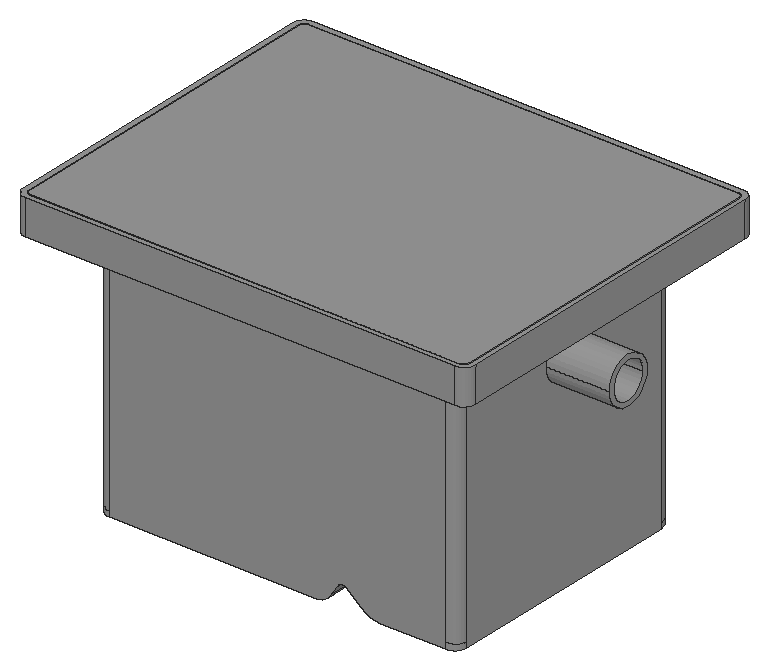
Revit family "Lil_L", category Plumbing Fixtures, Revit 2019
Family settings
  Round Connector Dimension = Use Diameter
  Part Type = Normal
  Work Plane-Based = No
  Always vertical = Yes
  Cut with Voids When Loaded = No
  Shared = No
  Room Calculation Point = No
Parameters (values of type "Lil-7-L")
  top 2 = 2"
  URL = "www.mifab.com"
  TOP1 = 1 1/2"
  TOP THK = 1 1/2"
  Pressure Drop = 0.00 psi
  Model = "MI-G-1-PL-PSB-FSCR"
  Mechanical Flow = 7 GPM
  Material = Polyethylene, High Density
  Manufacturer = "MIFAB"
  FULL DIM = 6"
  F2 = F / 2 - 51/256"  # 205/256"
  F/2 = F / 2  # 1"
  F = 2"
  E = 12 1/2"
  Description = "7GPM Lil Max HDPE Plaster Interceptor"
  D = 9"
  C = 3 1/2"
  BOTTOM 1 = 9"
  B = 15 1/2"
  A+1 = (A + 1") / 1.95  # 10.51282"
  A = 19 1/2"
Types (3): name | top 2 | Model | Mechanical Flow | E | Description | D | B | A+1 | A
  (no name) | 2" | "MI-G-1-PL-PSB-FSCR" | 7 GPM | 12 1/2" | "7GPM Lil Max HDPE Plaster Interceptor" | 9" | 15 1/2" | 10.51282" | 19 1/2"
  Lil-7-L | 2" | "MI-G-1-PL-PSB-FSCR" | 7 GPM | 12 1/2" | "7GPM Lil Max HDPE Plaster Interceptor" | 9" | 15 1/2" | 10.51282" | 19 1/2"
  Lil-15-L | 3.09455" | "MI-G-3-PL-PSB-FSCR" | 15 GPM | 16 3/4" | "15GPM Lil Max HDPE Plaster Interceptor" | 13 1/4" | 17 1/2" | 12.30769" | 23"
Reference planes (in)
  plane 1 "Center (Front/Back)": y = 0
  plane 2: z = 0
  plane 3 "Center (Left/Right)": x = 0
  plane 4: z = -3.5
  plane 5: z = -12.5
Forms (in)
  Extrusion 1, solid, material "Polyethylene, High Density" <- "Material"
    sketch origin (-0.57139, 0, 0) x (1, 0, 0) y (0, 1, 0)
      loop
        arc (-8.67861, 7.75) -> (-9.03216, 7.60355) -> (-9.17861, 7.25) r 0.5
        line (-9.17861, 7.25) -> (-9.17861, -7.25)
        arc (-9.17861, -7.25) -> (-9.03216, -7.60355) -> (-8.67861, -7.75) r 0.5
        line (-8.67861, -7.75) -> (9.82139, -7.75)
        arc (9.82139, -7.75) -> (10.17494, -7.60355) -> (10.32139, -7.25) r 0.5
        line (10.32139, -7.25) -> (10.32139, 7.25)
        arc (10.32139, 7.25) -> (10.17494, 7.60355) -> (9.82139, 7.75) r 0.5
        line (9.82139, 7.75) -> (-8.67861, 7.75)
      loop
        arc (-8.92861, -7.25) -> (-8.85539, -7.42678) -> (-8.67861, -7.5) r 0.25
        line (-8.67861, -7.5) -> (9.82139, -7.5)
        arc (9.82139, -7.5) -> (9.99817, -7.42678) -> (10.07139, -7.25) r 0.25
        line (10.07139, -7.25) -> (10.07139, 7.25)
        arc (10.07139, 7.25) -> (9.99817, 7.42678) -> (9.82139, 7.5) r 0.25
        line (9.82139, 7.5) -> (-8.67861, 7.5)
        arc (-8.67861, 7.5) -> (-8.85539, 7.42678) -> (-8.92861, 7.25) r 0.25
        line (-8.92861, 7.25) -> (-8.92861, -7.25)
    from -1.5 to 0
  Extrusion 2, solid, material "Polyethylene, High Density" <- "Material"
    sketch origin (0, 0, 0) x (1, 0, 0) y (0, 1, 0)
      loop
        arc (-7.25, 5.75) -> (-7.60355, 5.60355) -> (-7.75, 5.25) r 0.5
        line (-7.75, 5.25) -> (-7.75, -5.25)
        arc (-7.75, -5.25) -> (-7.60355, -5.60355) -> (-7.25, -5.75) r 0.5
        line (-7.25, -5.75) -> (7.25, -5.75)
        arc (7.25, -5.75) -> (7.60355, -5.60355) -> (7.75, -5.25) r 0.5
        line (7.75, -5.25) -> (7.75, 5.25)
        arc (7.75, 5.25) -> (7.60355, 5.60355) -> (7.25, 5.75) r 0.5
        line (7.25, 5.75) -> (-7.25, 5.75)
      loop
        arc (-7.5, -5.25) -> (-7.42678, -5.42678) -> (-7.25, -5.5) r 0.25
        line (-7.25, -5.5) -> (7.25, -5.5)
        arc (7.25, -5.5) -> (7.42678, -5.42678) -> (7.5, -5.25) r 0.25
        line (7.5, -5.25) -> (7.5, 5.25)
        arc (7.5, 5.25) -> (7.42678, 5.42678) -> (7.25, 5.5) r 0.25
        line (7.25, 5.5) -> (-7.25, 5.5)
        arc (-7.25, 5.5) -> (-7.42678, 5.42678) -> (-7.5, 5.25) r 0.25
        line (-7.5, 5.25) -> (-7.5, -5.25)
    from -12.5 to -1.5
  Extrusion 3, solid, material "Polyethylene, High Density" <- "Material"
    sketch origin (0, 0, 0) x (0, 1, 0) y (0, 0, 1)
      loop
        circle (0, -3.5) r 1
    from 7.5 to 10.51282
  Extrusion 4, void
    sketch origin (0, 0, 0) x (0, 1, 0) y (0, 0, 1)
      loop
        circle (0, -3.5) r 0.80078
    from -10.51282 to 10.51282
  Extrusion 5, solid, material "Polyethylene, High Density" <- "Material"
    sketch origin (0, 0, 0) x (0, 1, 0) y (0, 0, -1)
      loop
        circle (0, 3.5) r 1
    from 7.5 to 10.51282
  Extrusion 6, solid, material "Polyethylene, High Density" <- "Material"
    sketch origin (0, 0, 0) x (1, 0, 0) y (0, 1, 0)
      loop
        line (-9.5, 7.25) -> (-9.5, -7.25)
        arc (-9.5, -7.25) -> (-9.42678, -7.42678) -> (-9.25, -7.5) r 0.25
        line (-9.25, -7.5) -> (9.25, -7.5)
        arc (9.25, -7.5) -> (9.42678, -7.42678) -> (9.5, -7.25) r 0.25
        line (9.5, -7.25) -> (9.5, 7.25)
        arc (9.5, 7.25) -> (9.42678, 7.42678) -> (9.25, 7.5) r 0.25
        line (9.25, 7.5) -> (-9.25, 7.5)
        arc (-9.25, 7.5) -> (-9.42678, 7.42678) -> (-9.5, 7.25) r 0.25
      loop
        line (-7.5, 5.25) -> (-7.5, -5.25)
        arc (-7.5, -5.25) -> (-7.42678, -5.42678) -> (-7.25, -5.5) r 0.25
        line (-7.25, -5.5) -> (7.25, -5.5)
        arc (7.25, -5.5) -> (7.42678, -5.42678) -> (7.5, -5.25) r 0.25
        line (7.5, -5.25) -> (7.5, 5.25)
        arc (7.5, 5.25) -> (7.42678, 5.42678) -> (7.25, 5.5) r 0.25
        line (7.25, 5.5) -> (-7.25, 5.5)
        arc (-7.25, 5.5) -> (-7.42678, 5.42678) -> (-7.5, 5.25) r 0.25
    from -1.5 to -1.27407
  Extrusion 7, solid, material "Polyethylene, High Density" <- "Material"
    sketch origin (0, 0, 0) x (1, 0, 0) y (0, 0, 1)
      loop
        line (-7.75, -12.5) -> (1.68146, -12.5)
        arc (1.68146, -12.5) -> (2.08444, -12.38254) -> (2.3612, -12.06696) r 0.75
        line (2.3612, -12.06696) -> (2.63018, -11.66446)
        arc (2.63018, -11.66446) -> (2.78411, -11.56852) -> (2.95785, -11.6206) r 0.22028
        line (2.95785, -11.6206) -> (3.61676, -12.19339)
        arc (3.61676, -12.19339) -> (3.99907, -12.42084) -> (4.43683, -12.5) r 1.25
        line (4.43683, -12.5) -> (7.75, -12.5) -> (7.75, -12.25) -> (4.43683, -12.25)
        arc (4.43683, -12.25) -> (4.08662, -12.18667) -> (3.78077, -12.00471) r 1
        line (3.78077, -12.00471) -> (3.10631, -11.41841)
        arc (3.10631, -11.41841) -> (2.74971, -11.3115) -> (2.43377, -11.50842) r 0.45213
        line (2.43377, -11.50842) -> (2.14162, -11.94558)
        arc (2.14162, -11.94558) -> (1.95733, -12.16701) -> (1.68146, -12.25) r 0.5
        line (1.68146, -12.25) -> (-7.75, -12.25) -> (-7.75, -12.5)
    from -5.75 to 5.75
  Extrusion 8, void
    sketch origin (0, 0, 0) x (1, 0, 0) y (0, 0, 1)
      loop
        line (1.68146, -12.5) -> (4.43683, -12.5)
        arc (4.43683, -12.5) -> (3.99907, -12.42084) -> (3.61676, -12.19339) r 1.25
        line (3.61676, -12.19339) -> (2.95785, -11.6206)
        arc (2.95785, -11.6206) -> (2.78411, -11.56852) -> (2.63018, -11.66446) r 0.22028
        line (2.63018, -11.66446) -> (2.3612, -12.06696)
        arc (2.3612, -12.06696) -> (2.08444, -12.38254) -> (1.68146, -12.5) r 0.75
    from -13.05949 to 13.44892
  Extrusion 9, void
    sketch origin (0, 0, 0) x (1, 0, 0) y (0, 1, 0)
      loop
        arc (-7.25, 5.75) -> (-7.60355, 5.60355) -> (-7.75, 5.25) r 0.5
        line (-7.75, 5.25) -> (-7.75, -5.25)
        arc (-7.75, -5.25) -> (-7.60355, -5.60355) -> (-7.25, -5.75) r 0.5
        line (-7.25, -5.75) -> (7.25, -5.75)
        arc (7.25, -5.75) -> (7.60355, -5.60355) -> (7.75, -5.25) r 0.5
        line (7.75, -5.25) -> (7.75, 5.25)
        arc (7.75, 5.25) -> (7.60355, 5.60355) -> (7.25, 5.75) r 0.5
        line (7.25, 5.75) -> (-7.25, 5.75)
      loop
        arc (-7.25, 6) -> (-7.78033, 5.78033) -> (-8, 5.25) r 0.75
        line (-8, 5.25) -> (-8, -5.25)
        arc (-8, -5.25) -> (-7.78033, -5.78033) -> (-7.25, -6) r 0.75
        line (-7.25, -6) -> (7.25, -6)
        arc (7.25, -6) -> (7.78033, -5.78033) -> (8, -5.25) r 0.75
        line (8, -5.25) -> (8, 5.25)
        arc (8, 5.25) -> (7.78033, 5.78033) -> (7.25, 6) r 0.75
        line (7.25, 6) -> (-7.25, 6)
    from -12.5 to -8.24153
  Extrusion 10, solid, material "Polytetrafluoroethylene"
    sketch origin (0, 0, 0) x (1, 0, 0) y (0, 1, 0)
      loop
        arc (-9.5, -7.25) -> (-9.42678, -7.42678) -> (-9.25, -7.5) r 0.25
        line (-9.25, -7.5) -> (9.25, -7.5)
        arc (9.25, -7.5) -> (9.42678, -7.42678) -> (9.5, -7.25) r 0.25
        line (9.5, -7.25) -> (9.5, 7.25)
        arc (9.5, 7.25) -> (9.42678, 7.42678) -> (9.25, 7.5) r 0.25
        line (9.25, 7.5) -> (-9.25, 7.5)
        arc (-9.25, 7.5) -> (-9.42678, 7.42678) -> (-9.5, 7.25) r 0.25
        line (-9.5, 7.25) -> (-9.5, -7.25)
    from -1.27407 to 0
Cuts and joins
  Extrusion 4 cuts Extrusion 1
  Extrusion 4, Extrusion 8 cuts Extrusion 2
  Extrusion 4 cuts Extrusion 3
  Extrusion 4 cuts Extrusion 5
  Extrusion 4 cuts Extrusion 6
  Extrusion 4, Extrusion 8, Extrusion 9 cuts Extrusion 7
  joined: Extrusion 1, Extrusion 2, Extrusion 3, Extrusion 5, Extrusion 6, Extrusion 7
Dimensions and locks (in)
  "D": plane 5 to plane 4
  "C": level to plane 4
  equal spacing: Extrusion 1 sketch curve, plane 1 "Center (Front/Back)", Extrusion 1 sketch curve
  plane 1 "Center (Front/Back)" to Extrusion 1 sketch curve = 7 3/4"
  equal spacing: Extrusion 1, plane 3 "Center (Left/Right)", Extrusion 1
  "A+1": Extrusion 3 to plane 3 "Center (Left/Right)"
  "A": Extrusion 1 sketch curve to Extrusion 1 sketch curve
  equal spacing: Extrusion 1 sketch curve, plane 3 "Center (Left/Right)", Extrusion 1 sketch curve
  "A+1": cut or joined group 1 (Extrusion 1, Extrusion 2, Extrusion 3, Extrusion 4, Extrusion 5, Extrusion 6, Extrusion 7, Extrusion 8, Extrusion 9) to plane 3 "Center (Left/Right)"
  locked: Extrusion 6 to Extrusion 1 at 0.22593
  equal spacing: Extrusion 2 sketch curve, plane 3 "Center (Left/Right)", Extrusion 2 sketch curve
  equal spacing: Extrusion 2 sketch curve, plane 1 "Center (Front/Back)", Extrusion 2 sketch curve
  cut or joined group 1 to cut or joined group 1 = 1/4"
  locked: cut or joined group 1 to cut or joined group 1 at 0.25  (x3)
  cut or joined group 1 to cut or joined group 1 = 2"
  locked: cut or joined group 1 to cut or joined group 1 at 2
  locked: Extrusion 6 sketch curve to cut or joined group 1 at 2  (x2)
  "B": cut or joined group 1 to cut or joined group 1
  locked: cut or joined group 1 to cut or joined group 1 at 2.25  (x2)
  "F/2": radius of Extrusion 3 sketch curve
  "F2": radius of Extrusion 4 sketch curve
  "F/2": radius of Extrusion 5 sketch curve
  aligned and locked: plane 2 to level
  aligned and locked: level to Extrusion 1
  aligned and locked: Extrusion 2 to plane 5
  aligned and locked: Extrusion 2 to Extrusion 1
  aligned and locked: plane 1 "Center (Front/Back)" to Extrusion 3 sketch curve
  aligned and locked: plane 4 to Extrusion 3 sketch curve
  aligned and locked: plane 1 "Center (Front/Back)" to Extrusion 4 sketch curve
  aligned and locked: plane 4 to Extrusion 4 sketch curve
  aligned and locked: Extrusion 6 sketch curve to Extrusion 1  (x4)
  aligned and locked: Extrusion 1 to Extrusion 6
  aligned and locked: Extrusion 7 sketch curve to cut or joined group 1
  aligned and locked: Extrusion 8 sketch curve to cut or joined group 1  (x3)
  aligned and locked: cut or joined group 1 to Extrusion 8 sketch curve
  aligned and locked: cut or joined group 1 to Extrusion 6 sketch curve  (x2)
  aligned and locked: Extrusion 7 to Extrusion 2  (x2)
  aligned and locked: Extrusion 2 to Extrusion 7
  aligned and locked: Extrusion 2 to Extrusion 3
  aligned and locked: Extrusion 2 to Extrusion 5
  aligned and locked: Extrusion 9 sketch curve to cut or joined group 1  (x4)
  aligned and locked: Extrusion 9 to plane 5
  aligned and locked: Extrusion 10 sketch curve to cut or joined group 1  (x4)
  aligned and locked: Extrusion 10 to cut or joined group 1
  aligned and locked: level to Extrusion 10
  aligned and locked: Extrusion 3 to Extrusion 4
  aligned and locked: Extrusion 5 to Extrusion 4
  aligned and locked: plane 4 to Extrusion 5 sketch curve
  aligned and locked: plane 1 "Center (Front/Back)" to Extrusion 5 sketch curve
Automatic sketch dimensions
  Extrusion 6 sketch curve to Extrusion 6 sketch curve = 1/4"  (x6)
  Extrusion 8 sketch curve to Extrusion 8 sketch curve = 0.67973"
  plane 5 to Extrusion 8 sketch curve = 0.30661"
  Extrusion 8 sketch curve to Extrusion 8 sketch curve = 0.26899"
  Extrusion 8 sketch curve to Extrusion 8 sketch curve = 0.12239"
  Extrusion 8 sketch curve to Extrusion 8 sketch curve = 37/256"
  Extrusion 2 sketch curve to plane 3 "Center (Left/Right)" = 7 3/4"
  Extrusion 2 sketch curve to Extrusion 2 sketch curve = 1/2"  (x4)
  Extrusion 2 sketch curve to Extrusion 2 sketch curve = 0"  (x11)
  Extrusion 2 sketch curve to Extrusion 2 sketch curve = 1/4"
  plane 1 "Center (Front/Back)" to Extrusion 2 sketch curve = 5 3/4"
  Extrusion 6 sketch curve to Extrusion 6 sketch curve = 2"
  Extrusion 7 sketch curve to Extrusion 7 sketch curve = 0"  (x4)
  Extrusion 7 sketch curve to plane 5 = 0"
  Extrusion 7 sketch curve to plane 3 "Center (Left/Right)" = 7 3/4"
  plane 5 to Extrusion 7 sketch curve = 1/4"
  plane 3 "Center (Left/Right)" to Extrusion 7 sketch curve = 1.68146"
  plane 5 to Extrusion 7 sketch curve = 0.55442"
  Extrusion 7 sketch curve to Extrusion 7 sketch curve = 0.46016"
  plane 5 to Extrusion 7 sketch curve = 0.43304"
  Extrusion 7 sketch curve to Extrusion 7 sketch curve = 0.29215"
  plane 5 to Extrusion 7 sketch curve = 0.83554"
  Extrusion 7 sketch curve to Extrusion 7 sketch curve = 0.19641"
  Extrusion 7 sketch curve to Extrusion 7 sketch curve = 0.1795"
  Extrusion 7 sketch curve to Extrusion 7 sketch curve = 0.00364"
  plane 5 to Extrusion 7 sketch curve = 0.8794"
  Extrusion 7 sketch curve to Extrusion 7 sketch curve = 0.14816"
  plane 5 to Extrusion 7 sketch curve = 1.08159"
  Extrusion 7 sketch curve to Extrusion 7 sketch curve = 0.14846"
  plane 5 to Extrusion 7 sketch curve = 0.30661"
  Extrusion 7 sketch curve to Extrusion 7 sketch curve = 0.65891"
  plane 5 to Extrusion 7 sketch curve = 0.49529"
  Extrusion 7 sketch curve to Extrusion 7 sketch curve = 0.16401"
  Extrusion 7 sketch curve to Extrusion 7 sketch curve = 0.65606"
  Extrusion 7 sketch curve to Extrusion 7 sketch curve = 3.31317"
  Extrusion 7 sketch curve to Extrusion 7 sketch curve = 0.02722"
  Extrusion 9 sketch curve to Extrusion 9 sketch curve = 0"  (x7)
  Extrusion 9 sketch curve to Extrusion 9 sketch curve = 1/4"
  Extrusion 1 sketch curve to Extrusion 1 sketch curve = 0"  (x7)
  Extrusion 1 sketch curve to Extrusion 1 sketch curve = 1/4"  (x5)
  Extrusion 3 sketch curve to plane 4 = 0"
Connectors (in)
  piping at (10.51282, 0, -3.5), diameter 2, driven by "F", driven by "Mechanical Flow"
    settings: on cut or joined group 1, index 1, connector inside diameter 24", connector length 0", flow factor 0, pipe flow 7 GPM, pressure drop 0.00 psi, fitting loss kfactor 0, connector angle 0.00°, fixture units 0, engagement length 0", angle of deflection 0.00°, flow configuration 0, flow direction 0, fitting loss method 0, system type 7, joint type 0, gender type 0, connector reference index -1, connector utility 0, adjustable connector no, is connector primary yes, connector description ""
  piping at (-10.51282, 0, -3.5), diameter 2, driven by "F", driven by "Mechanical Flow"
    settings: on cut or joined group 1, index 2, connector inside diameter 24", connector length 0", flow factor 0, pipe flow 7 GPM, pressure drop 0.00 psi, fitting loss kfactor 0, connector angle 0.00°, fixture units 0, engagement length 0", angle of deflection 0.00°, flow configuration 0, flow direction 0, fitting loss method 0, system type 7, joint type 0, gender type 0, connector reference index -1, connector utility 0, adjustable connector no, is connector primary no, connector description ""
